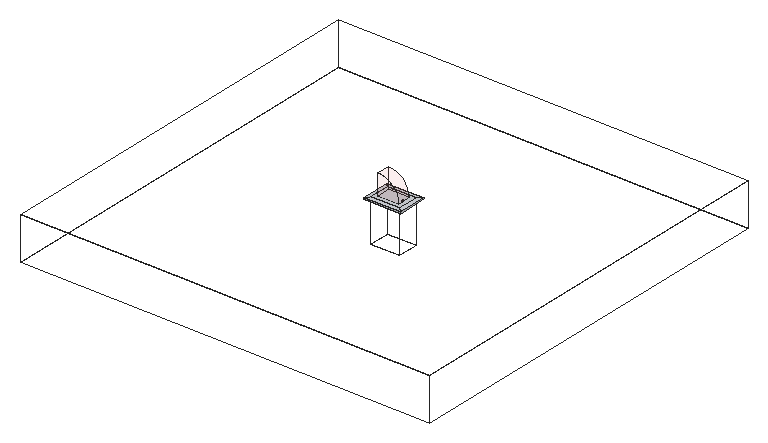
Revit family "Panel_Hinge-RadiusCorner_CastleAccess", category Generic Models, host Face, Revit 2026
Family settings
  Host = Face
  Can host rebar = No
  Round Connector Dimension = Use Diameter
  Part Type = Normal
  Cut with Voids When Loaded = Yes
  Maintain Annotation Orientation = No
  Shared = No
  Room Calculation Point = No
Parameters
  Warranty Duration (Years) = 3
  Unit Weight = 0
  Unit Height = 0"
  Unit Depth = 5/8"
  Unit Area = Access Opening Height * Access Opening Width  # 0.277778 SF
  URL = "http://www.arcat.com/arcatcos/cos46/arc46034.html"
  Test Data = "https://www.castleaccesspanels.com/assets/generic/SPEC_DATA_SHEET_2011.pdf"
  Swing Clearance Visible [instance] = yes
  Standards Conformance = "as Specified"
  Specification = "https://www.castleaccesspanels.com/assets/generic/SPEC_DATA_SHEET_2011.pdf"
  Send Message = "https://www.castleaccesspanels.com/GFRG-Access-Panels/contact.php"
  Sales Information = "https://www.castleaccesspanels.com/GFRG-Access-Panels/contact.php"
  Rough Opening - Width [instance] = 14"
  Rough Opening - Height [instance] = 11"
  Revision = "R0_2018-01"
  Product Properties = "http://www.arcat.com/catalogs/castleaccess/tapeable-accesspanels/html5/index.html?coid=46034"
  Product Data = "http://www.arcat.com/catalogs/castleaccess/tapeable-accesspanels/html5/index.html?coid=46034"
  Mounting Height [instance] = 48"
  Model = "As Specified"
  Manufacturer Website = "https://www.castleaccesspanels.com/index.html"
  Manufacturer Phone = "(+1)905-738-8089"
  Manufacturer Fax = "(+1)905-760-9234"
  Manufacturer Address = "173 Adesso Dr. Unit 2 Concord, ON, Canada L4K 3C3"
  Manufacturer = "Castle Access Panels & Forms Inc."
  Keynote = "09 54 53"
  Installation Phase = "Ceiling Finishes - Paneling"
  Hinge Quantity = 0
  Green Building-LEED = "http://www.arcat.com/green/clients/leed_data_46034.html"
  Expected Lifespan (Years) = 0
  Drawn By = "Sumex Design, Inc. / Robert S. Weygant, CSI, CDT, SCIP"
  Description = ""
  Default Elevation = 0"  # constant formula
  Cost = 0
  Copyright = "©Arcat Inc. 2018"
  Construction Details = "http://www.arcat.com/details/castleaccess/prod41798.html"
  Clearance Material [instance] = ARCAT Clearance
  Clearance Depth = Access Opening Width  # 8"
  Cam Latch Quantity = 0
  Available Options [instance] = "Locking or Latching as Specified, Neoprene Gasket as Specified"
  Assembly Code = "C3030140"
  Access Opening Width = 8"
  Access Opening Height = 5"
Reference planes (in)
  plane 1 "Center (Front/Back)": y = -4.59157
  plane 2: z = 0
  plane 3 "Center (Left/Right)": x = 0
  plane 4: z = 0
  plane 5: z = -0.625
  plane 6: x = 4
  plane 7: x = -4
  plane 8: y = -7.09157
  plane 9: y = -2.09157
  plane 10: y = -10.09157
  plane 11: y = 0.90843
  plane 12: x = -7
  plane 13: x = 7
  plane 14: x = -5.5
  plane 15: x = 5.5
  plane 16: y = -0.59157
  plane 17: y = -8.59157
  plane 18: z = -0.125
  plane 19 "Lock/Latch": x = 3.5
  plane 20: z = 8
Forms (in)
  Extrusion 1, solid, material "Default New Material"
    sketch origin (0, 0, 0) x (1, 0, 0) y (0, 1, 0)
      loop
        line (-79.875, 69.28343) -> (-79.875, -82.45938) -> (75.88105, -82.45938) -> (75.88105, 69.28343) -> (-79.875, 69.28343)
    from 0 to -16.35979
  Extrusion 2, solid
    sketch origin (0, 0, 0) x (1, 0, 0) y (0, 1, 0)
      loop
        line (7, 0.90843) -> (-7, 0.90843) -> (-7, -10.09157) -> (7, -10.09157) -> (7, 0.90843)
    from -0.625 to 0
  Extrusion 3, solid, material "Castle Access_Glass Fiber Reinforced Gypsum"
    sketch origin (0, 0, 0) x (1, 0, 0) y (0, 1, 0)
      loop
        line (7, 0.90843) -> (-7, 0.90843) -> (-7, -10.09157) -> (7, -10.09157) -> (7, 0.90843)
    from -0.625 to 0
  Extrusion 4, void
    sketch origin (13, 0, 0) x (1, 0, 0) y (0, 1, 0)
      loop
        line (-18.5, -0.59157) -> (-18.5, -8.59157) -> (-7.5, -8.59157) -> (-7.5, -0.59157) -> (-18.5, -0.59157)
    from -16.35979 to 0
  Sweep 5, void
    path origin (0, 0, 0) x (1, 0, 0) y (0, 1, 0)
      loop
        line (-5.5, -0.59157) -> (-5.5, -8.59157) -> (5.5, -8.59157) -> (5.5, -0.59157) -> (-5.5, -0.59157)
    profile origin (-5.5, -4.59157, 0) x (1, 0, 0) y (0, 0, 1)
      loop
        line (-1.5, 0) -> (-1.5, -0.125) -> (0, 0) -> (-1.5, 0)
  Revolve 6, solid
    sketch origin (0, -4.59157, 0) x (1, 0, 0) y (0, 0, 1)
      loop
        line (3.5, 0) -> (3.5, 0.09375) -> (3.36145, 0.09375) -> (3.36145, 0.125)
        arc (3.36145, 0.125) -> (3.27799, 0.08741) -> (3.25083, 0) r 0.11145
        line (3.25083, 0) -> (3.5, 0)
      axis (3.5, 0.125) -> (3.5, 0)
    angle from 0 to 360
  Extrusion 7, solid, material "ARCAT Clearance"
    sketch origin (0, -4.59157, 0) x (1, 0, 0) y (0, 0, 1)
      loop
        line (-4, 8) -> (-4, 0) -> (4, 0)
        arc (4, 0) -> (1.65685, 5.65685) -> (-4, 8) r 8
    from -2.5 to 2.5
Cuts and joins
  Sweep 5 cuts Extrusion 2
  Sweep 5 cuts Extrusion 3
Lines and regions (in)
  model lines, style "GenericModel"
    curve 1: line (3, -2.09157, 0) -> (-3, -2.09157, 0)
    curve 2: line (4, -3.09157, 0) -> (4, -6.09157, 0)
    curve 3: line (3, -7.09157, 0) -> (-3, -7.09157, 0)
    curve 4: line (-4, -3.09157, 0) -> (-4, -6.09157, 0)
  model lines, style "GenericModelHiddenLines", not visible
    curve 5: line (3.36349, -4.56792, 0) -> (3.63651, -4.56792, 0)
    curve 6: line (3.36349, -4.61522, 0) -> (3.63651, -4.61522, 0)
  model lines, style "GenericModelHiddenLines"
    curve 7: line (3.70711, -2.38446, 0) -> (-4, -4.59157, 0)
    curve 8: line (3.70711, -6.79868, 0) -> (-4, -4.59157, 0)
    curve 9: arc (-4, -3.09157, 0) -> (-3.70711, -2.38446, 0) -> (-3, -2.09157, 0) r 1
    curve 10: arc (-4, -6.09157, 0) -> (-3.70711, -6.79868, 0) -> (-3, -7.09157, 0) r 1
    curve 11: arc (3, -2.09157, 0) -> (3.70711, -2.38446, 0) -> (4, -3.09157, 0) r 1
    curve 12: arc (3, -7.09157, 0) -> (3.70711, -6.79868, 0) -> (4, -6.09157, 0) r 1
Dimensions and locks (in)
  "Unit Depth": plane 4 to plane 5
  "Access Opening Height": plane 8 to plane 9
  equal spacing: plane 8, plane 1 "Center (Front/Back)", plane 9
  locked: plane 9 to plane 11 at 3
  locked: plane 10 to plane 8 at 3
  "Rough Opening - Height": plane 10 to plane 11
  "Access Opening Width": plane 7 to plane 6
  equal spacing: plane 7, plane 3 "Center (Left/Right)", plane 6
  locked: plane 12 to plane 7 at 3
  locked: plane 6 to plane 13 at 3
  "Rough Opening - Width": plane 12 to plane 13
  locked: plane 14 to plane 7 at 1.5
  locked: plane 6 to plane 15 at 1.5
  locked: plane 9 to plane 16 at 1.5
  locked: plane 17 to plane 8 at 1.5
  locked: level to plane 18 at 0.125
  locked: plane 19 "Lock/Latch" to plane 6 at 0.5
  "Clearance Depth": plane 20 to Extrusion 1
  aligned and locked: Extrusion 1 to plane 2
  aligned and locked: Extrusion 1 to level
  aligned and locked: Extrusion 2 sketch curve to plane 11
  aligned and locked: Extrusion 2 sketch curve to plane 10
  aligned and locked: Extrusion 2 sketch curve to plane 13
  aligned and locked: Extrusion 2 sketch curve to plane 12
  aligned and locked: Extrusion 2 to plane 5
  aligned and locked: plane 2 to Extrusion 2
  aligned and locked: curve 1 to plane 9
  aligned and locked: curve 2 to plane 6
  aligned and locked: curve 3 to plane 8
  aligned and locked: curve 4 to plane 7
  aligned and locked: Extrusion 3 to plane 5
  aligned and locked: Sweep 5 sketch curve to plane 14
  aligned and locked: Sweep 5 sketch curve to plane 16
  aligned and locked: Sweep 5 sketch curve to plane 15
  aligned and locked: Sweep 5 sketch curve to plane 17
  aligned and locked: Sweep 5 sketch curve to plane 12
  aligned and locked: Extrusion 1 to Sweep 5 sketch curve
  aligned and locked: Revolve 6 sketch curve to plane 19 "Lock/Latch"
  aligned and locked: Extrusion 4 sketch curve to plane 14
  aligned and locked: Extrusion 4 sketch curve to plane 16
  aligned and locked: Extrusion 4 sketch curve to plane 17
  aligned and locked: Extrusion 4 sketch curve to plane 15
  aligned and locked: Extrusion 7 sketch curve to plane 7
  aligned and locked: Extrusion 1 to Extrusion 7 sketch curve
  aligned and locked: plane 8 to Extrusion 7
  aligned and locked: Extrusion 7 to plane 9
  aligned and locked: level to Extrusion 4
Automatic sketch dimensions
  Extrusion 1 sketch curve to Extrusion 1 sketch curve = 155.75605"
  Extrusion 1 sketch curve to Extrusion 1 sketch curve = 151.74281"
  plane 11 to Extrusion 3 sketch curve = 0"
  Extrusion 3 sketch curve to plane 12 = 0"
  plane 10 to Extrusion 3 sketch curve = 0"
  Extrusion 3 sketch curve to plane 13 = 0"
  profile plane to Sweep 5 sketch curve = 0"
  Sweep 5 sketch curve to level = 1/8"
  Revolve 6 sketch curve to level = 0"
  Revolve 6 sketch curve to plane 19 "Lock/Latch" = 0"
  Revolve 6 sketch curve to plane 19 "Lock/Latch" = 0.13855"
  Revolve 6 sketch curve to Revolve 6 sketch curve = 0.11063"
  level to Revolve 6 sketch curve = 0.01355"
  level to Revolve 6 sketch curve = 3/32"
  Revolve 6 sketch curve to plane 5 = 18.58373"
  Revolve 6 sketch curve to Revolve 6 sketch curve = 95 7/8"
  Extrusion 7 sketch curve to plane 6 = 0"
  plane 1 "Center (Front/Back)" to curve 7 = 0"
  plane 7 to curve 9 = 1"
  plane 7 to curve 3 = 1"
  curve 11 to plane 19 "Lock/Latch" = 1/2"
  plane 1 "Center (Front/Back)" to curve 6 = 0.02365"
  curve 6 to plane 19 "Lock/Latch" = 0.13651"
  curve 5 to curve 6 = 0"
  curve 5 to plane 1 "Center (Front/Back)" = 0.02365"
  plane 19 "Lock/Latch" to curve 5 = 0.13651"
  curve 6 to curve 5 = 0"
  plane 19 "Lock/Latch" to curve 7 = 0.20711"
  plane 19 "Lock/Latch" to curve 8 = 0.20711"
  curve 8 to plane 8 = 0.29289"
